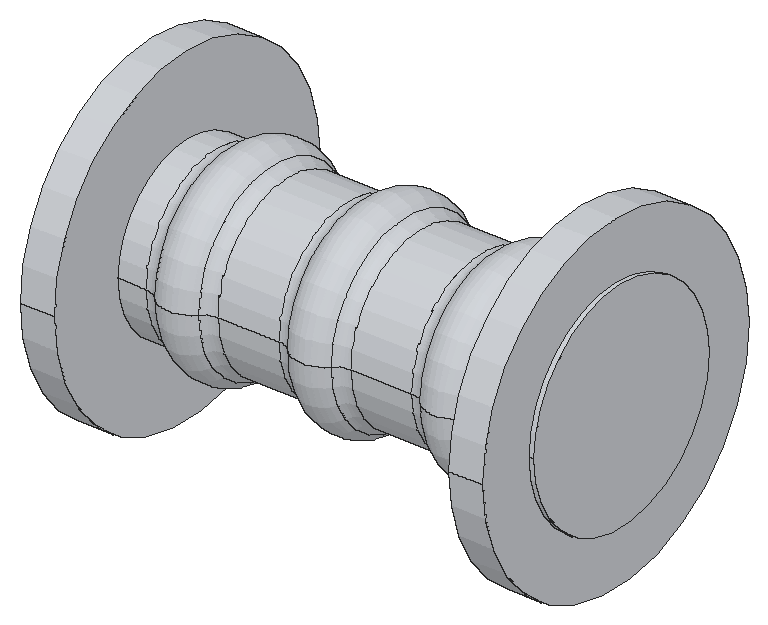
Revit family "ピュアジョイント 65A", category Pipe Accessories, Revit 2024
Family settings
  Round Connector Dimension = Use Diameter
  Part Type = Inline Sensor
  Work Plane-Based = No
  Always vertical = Yes
  Cut with Voids When Loaded = No
  Shared = No
Parameters
  Default Elevation = 0 mm
  DN = 65 mm
Reference planes
  plane 1 "Center (Front/Back)": y = 0
  plane 2: z = 0
  plane 3 "Center (Left/Right)": x = 0
Forms (mm)
  Extrusion 1, solid
    sketch origin (0, 0, 0) x (0, 1, 0) y (0, 0, 1)
      loop
        circle (0, 0) r 57.5
    from 122 to 125
  Extrusion 2, solid
    sketch origin (0, 0, 0) x (0, 1, 0) y (0, 0, 1)
      loop
        circle (0, 0) r 57.5
    from -125 to -122
  Extrusion 3, solid
    sketch origin (0, 0, 0) x (0, 1, 0) y (0, 0, 1)
      loop
        circle (0, 0) r 87.5
    from -122 to -104
  Extrusion 4, solid
    sketch origin (0, 0, 0) x (0, 1, 0) y (0, 0, 1)
      loop
        circle (0, 0) r 87.5
    from 104 to 122
  Revolve 5, solid
    sketch origin (0, 0, 0) x (1, 0, 0) y (0, 1, 0)
      loop
        line (-89.021, 46.003) -> (-104, 46.003) -> (-104, 0) -> (104, 0) -> (104, 46.003) -> (89.021, 46.003)
        arc (89.021, 46.003) -> (84.942, 46.873) -> (81.572, 49.33) r 10
        arc (81.572, 49.33) -> (70, 54.5) -> (58.428, 49.33) r 15.537
        arc (58.428, 49.33) -> (55.058, 46.873) -> (50.979, 46.003) r 10
        line (50.979, 46.003) -> (19.02, 46.003)
        arc (19.02, 46.003) -> (14.942, 46.873) -> (11.572, 49.33) r 10
        arc (11.572, 49.33) -> (0, 54.5) -> (-11.572, 49.33) r 15.537
        arc (-11.572, 49.33) -> (-14.942, 46.873) -> (-19.021, 46.003) r 10
        line (-19.021, 46.003) -> (-50.979, 46.003)
        arc (-50.979, 46.003) -> (-55.058, 46.873) -> (-58.428, 49.33) r 10
        arc (-58.428, 49.33) -> (-70, 54.5) -> (-81.572, 49.33) r 15.537
        arc (-81.572, 49.33) -> (-84.942, 46.873) -> (-89.021, 46.003) r 10
      axis (104, 0) -> (-104, 0)
    angle from 0 to 360
Lines and regions (mm)
  model lines
    curve 1: line (81.572, 0, 0) -> (81.572, -7.717, 0)
    curve 2: line (81.572, -7.717, 0) -> (81.572, -15.244, 0)
    curve 3: line (81.572, -15.244, 0) -> (81.572, -22.395, 0)
    curve 4: line (81.572, -22.395, 0) -> (81.572, -28.996, 0)
    curve 5: line (81.572, -28.996, 0) -> (81.572, -34.882, 0)
    curve 6: line (81.572, -34.882, 0) -> (81.572, -39.909, 0)
    curve 7: line (81.572, -39.909, 0) -> (81.572, -43.954, 0)
    curve 8: line (81.572, -43.954, 0) -> (81.572, -46.916, 0)
    curve 9: line (81.572, -46.916, 0) -> (81.572, -48.723, 0)
    curve 10: line (81.572, -48.723, 0) -> (81.572, -49.33, 0)
    curve 11: line (81.572, -49.33, 0) -> (78.775, -51.785, 0)
    curve 12: line (78.775, -51.785, 0) -> (75.475, -53.503, 0)
    curve 13: line (75.475, -53.503, 0) -> (71.861, -54.388, 0)
    curve 14: line (71.861, -54.388, 0) -> (68.139, -54.388, 0)
    curve 15: line (68.139, -54.388, 0) -> (64.525, -53.503, 0)
    curve 16: line (64.525, -53.503, 0) -> (61.225, -51.785, 0)
    curve 17: line (61.225, -51.785, 0) -> (58.428, -49.33, 0)
    curve 18: line (58.428, -49.33, 0) -> (58.428, -48.723, 0)
    curve 19: line (58.428, -48.723, 0) -> (58.428, -46.916, 0)
    curve 20: line (58.428, -46.916, 0) -> (58.428, -43.954, 0)
    curve 21: line (58.428, -43.954, 0) -> (58.428, -39.909, 0)
    curve 22: line (58.428, -39.909, 0) -> (58.428, -34.882, 0)
    curve 23: line (58.428, -34.882, 0) -> (58.428, -28.996, 0)
    curve 24: line (58.428, -28.996, 0) -> (58.428, -22.395, 0)
    curve 25: line (58.428, -22.395, 0) -> (58.428, -15.244, 0)
    curve 26: line (58.428, -15.244, 0) -> (58.428, -7.717, 0)
    curve 27: line (58.428, -7.717, 0) -> (58.428, 0, 0)
    curve 28: line (58.428, 0, 0) -> (58.428, 7.717, 0)
    curve 29: line (58.428, 7.717, 0) -> (58.428, 15.244, 0)
    curve 30: line (58.428, 15.244, 0) -> (58.428, 22.395, 0)
    curve 31: line (58.428, 22.395, 0) -> (58.428, 28.996, 0)
    curve 32: line (58.428, 28.996, 0) -> (58.428, 34.882, 0)
    curve 33: line (58.428, 34.882, 0) -> (58.428, 39.909, 0)
    curve 34: line (58.428, 39.909, 0) -> (58.428, 43.954, 0)
    curve 35: line (58.428, 43.954, 0) -> (58.428, 46.916, 0)
    curve 36: line (58.428, 46.916, 0) -> (58.428, 48.723, 0)
    curve 37: line (58.428, 48.723, 0) -> (58.428, 49.33, 0)
    curve 38: line (58.428, 49.33, 0) -> (61.225, 51.785, 0)
    curve 39: line (61.225, 51.785, 0) -> (64.525, 53.503, 0)
    curve 40: line (64.525, 53.503, 0) -> (68.139, 54.388, 0)
    curve 41: line (68.139, 54.388, 0) -> (71.861, 54.388, 0)
    curve 42: line (71.861, 54.388, 0) -> (75.475, 53.503, 0)
    curve 43: line (75.475, 53.503, 0) -> (78.775, 51.785, 0)
    curve 44: line (78.775, 51.785, 0) -> (81.572, 49.33, 0)
    curve 45: line (81.572, 49.33, 0) -> (81.572, 48.723, 0)
    curve 46: line (81.572, 48.723, 0) -> (81.572, 46.916, 0)
    curve 47: line (81.572, 46.916, 0) -> (81.572, 43.954, 0)
    curve 48: line (81.572, 43.954, 0) -> (81.572, 39.909, 0)
    curve 49: line (81.572, 39.909, 0) -> (81.572, 34.882, 0)
    curve 50: line (81.572, 34.882, 0) -> (81.572, 28.996, 0)
    curve 51: line (81.572, 28.996, 0) -> (81.572, 22.395, 0)
    curve 52: line (81.572, 22.395, 0) -> (81.572, 15.244, 0)
    curve 53: line (81.572, 15.244, 0) -> (81.572, 7.717, 0)
    curve 54: line (81.572, 7.717, 0) -> (81.572, 0, 0)
    curve 55: line (81.572, 0, 0) -> (81.572, -7.717, 0)
    curve 56: line (81.572, -7.717, 0) -> (81.572, -15.244, 0)
    curve 57: line (81.572, -15.244, 0) -> (81.572, -22.395, 0)
    curve 58: line (81.572, -22.395, 0) -> (81.572, -28.996, 0)
    curve 59: line (81.572, -28.996, 0) -> (81.572, -34.882, 0)
    curve 60: line (81.572, -34.882, 0) -> (81.572, -39.909, 0)
    curve 61: line (81.572, -39.909, 0) -> (81.572, -43.954, 0)
    curve 62: line (81.572, -43.954, 0) -> (81.572, -46.916, 0)
    curve 63: line (81.572, -46.916, 0) -> (81.572, -48.723, 0)
    curve 64: line (81.572, -48.723, 0) -> (81.572, -49.33, 0)
    curve 65: line (81.572, -49.33, 0) -> (81.949, -48.932, 0)
    curve 66: line (81.949, -48.932, 0) -> (84.021, -47.343, 0)
    curve 67: line (84.021, -47.343, 0) -> (86.432, -46.344, 0)
    curve 68: line (86.432, -46.344, 0) -> (89.021, -46.003, 0)
    curve 69: line (89.021, -46.003, 0) -> (89.021, -44.435, 0)
    curve 70: line (89.021, -44.435, 0) -> (89.021, -39.84, 0)
    curve 71: line (89.021, -39.84, 0) -> (89.021, -32.529, 0)
    curve 72: line (89.021, -32.529, 0) -> (89.021, -23.001, 0)
    curve 73: line (89.021, -23.001, 0) -> (89.021, -11.906, 0)
    curve 74: line (89.021, -11.906, 0) -> (89.021, 0, 0)
    curve 75: line (89.021, 0, 0) -> (89.021, 11.906, 0)
    curve 76: line (89.021, 11.906, 0) -> (89.021, 23.001, 0)
    curve 77: line (89.021, 23.001, 0) -> (89.021, 32.529, 0)
    curve 78: line (89.021, 32.529, 0) -> (89.021, 39.84, 0)
    curve 79: line (89.021, 39.84, 0) -> (89.021, 44.435, 0)
    curve 80: line (89.021, 44.435, 0) -> (89.021, 46.003, 0)
    curve 81: line (89.021, 46.003, 0) -> (86.432, 46.344, 0)
    curve 82: line (86.432, 46.344, 0) -> (84.021, 47.343, 0)
    curve 83: line (84.021, 47.343, 0) -> (81.949, 48.932, 0)
    curve 84: line (81.949, 48.932, 0) -> (81.572, 49.33, 0)
    curve 85: line (81.572, 49.33, 0) -> (81.572, 48.723, 0)
    curve 86: line (81.572, 48.723, 0) -> (81.572, 46.916, 0)
    curve 87: line (81.572, 46.916, 0) -> (81.572, 43.954, 0)
    curve 88: line (81.572, 43.954, 0) -> (81.572, 39.909, 0)
    curve 89: line (81.572, 39.909, 0) -> (81.572, 34.882, 0)
    curve 90: line (81.572, 34.882, 0) -> (81.572, 28.996, 0)
    curve 91: line (81.572, 28.996, 0) -> (81.572, 22.395, 0)
    curve 92: line (81.572, 22.395, 0) -> (81.572, 15.244, 0)
    curve 93: line (81.572, 15.244, 0) -> (81.572, 7.717, 0)
    curve 94: line (81.572, 7.717, 0) -> (81.572, 0, 0)
    curve 95: line (50.979, 7.196, 0) -> (50.979, 0, 0)
    curve 96: line (50.979, 0, 0) -> (50.979, -7.196, 0)
    curve 97: line (50.979, -7.196, 0) -> (50.979, -14.216, 0)
    curve 98: line (50.979, -14.216, 0) -> (50.979, -20.885, 0)
    curve 99: line (50.979, -20.885, 0) -> (50.979, -27.04, 0)
    curve 100: line (50.979, -27.04, 0) -> (50.979, -32.529, 0)
    curve 101: line (50.979, -32.529, 0) -> (50.979, -37.217, 0)
    curve 102: line (50.979, -37.217, 0) -> (50.979, -40.989, 0)
    curve 103: line (50.979, -40.989, 0) -> (50.979, -43.751, 0)
    curve 104: line (50.979, -43.751, 0) -> (50.979, -45.437, 0)
    curve 105: line (50.979, -45.437, 0) -> (50.979, -46.003, 0)
    curve 106: line (50.979, -46.003, 0) -> (53.065, -46.223, 0)
    curve 107: line (53.065, -46.223, 0) -> (55.058, -46.873, 0)
    curve 108: line (55.058, -46.873, 0) -> (56.873, -47.924, 0)
    curve 109: line (56.873, -47.924, 0) -> (58.428, -49.33, 0)
    curve 110: line (58.428, -49.33, 0) -> (58.428, -48.723, 0)
    curve 111: line (58.428, -48.723, 0) -> (58.428, -46.916, 0)
    curve 112: line (58.428, -46.916, 0) -> (58.428, -43.954, 0)
    curve 113: line (58.428, -43.954, 0) -> (58.428, -39.909, 0)
    curve 114: line (58.428, -39.909, 0) -> (58.428, -34.882, 0)
    curve 115: line (58.428, -34.882, 0) -> (58.428, -28.996, 0)
    curve 116: line (58.428, -28.996, 0) -> (58.428, -22.395, 0)
    curve 117: line (58.428, -22.395, 0) -> (58.428, -15.244, 0)
    curve 118: line (58.428, -15.244, 0) -> (58.428, -7.717, 0)
    curve 119: line (58.428, -7.717, 0) -> (58.428, 0, 0)
    curve 120: line (58.428, 0, 0) -> (58.428, 7.717, 0)
    curve 121: line (58.428, 7.717, 0) -> (58.428, 15.244, 0)
    curve 122: line (58.428, 15.244, 0) -> (58.428, 22.395, 0)
    curve 123: line (58.428, 22.395, 0) -> (58.428, 28.996, 0)
    curve 124: line (58.428, 28.996, 0) -> (58.428, 34.882, 0)
    curve 125: line (58.428, 34.882, 0) -> (58.428, 39.909, 0)
    curve 126: line (58.428, 39.909, 0) -> (58.428, 43.954, 0)
    curve 127: line (58.428, 43.954, 0) -> (58.428, 46.916, 0)
    curve 128: line (58.428, 46.916, 0) -> (58.428, 48.723, 0)
    curve 129: line (58.428, 48.723, 0) -> (58.428, 49.33, 0)
    curve 130: line (58.428, 49.33, 0) -> (56.873, 47.924, 0)
    curve 131: line (56.873, 47.924, 0) -> (55.058, 46.873, 0)
    curve 132: line (55.058, 46.873, 0) -> (53.065, 46.223, 0)
    curve 133: line (53.065, 46.223, 0) -> (50.979, 46.003, 0)
    curve 134: line (50.979, 46.003, 0) -> (50.979, 45.437, 0)
    curve 135: line (50.979, 45.437, 0) -> (50.979, 43.751, 0)
    curve 136: line (50.979, 43.751, 0) -> (50.979, 40.989, 0)
    curve 137: line (50.979, 40.989, 0) -> (50.979, 37.217, 0)
    curve 138: line (50.979, 37.217, 0) -> (50.979, 32.529, 0)
    curve 139: line (50.979, 32.529, 0) -> (50.979, 27.04, 0)
    curve 140: line (50.979, 27.04, 0) -> (50.979, 20.885, 0)
    curve 141: line (50.979, 20.885, 0) -> (50.979, 14.216, 0)
    curve 142: line (50.979, 14.216, 0) -> (50.979, 7.196, 0)
    curve 143: line (19.021, 0, 0) -> (19.021, -0.723, 0)
    curve 144: line (19.021, -0.723, 0) -> (19.021, -7.196, 0)
    curve 145: line (19.021, -7.196, 0) -> (19.021, -14.216, 0)
    curve 146: line (19.021, -14.216, 0) -> (19.021, -20.885, 0)
    curve 147: line (19.021, -20.885, 0) -> (19.021, -27.04, 0)
    curve 148: line (19.021, -27.04, 0) -> (19.021, -32.529, 0)
    curve 149: line (19.021, -32.529, 0) -> (19.021, -37.217, 0)
    curve 150: line (19.021, -37.217, 0) -> (19.021, -40.989, 0)
    curve 151: line (19.021, -40.989, 0) -> (19.021, -43.751, 0)
    curve 152: line (19.021, -43.751, 0) -> (19.021, -45.437, 0)
    curve 153: line (19.021, -45.437, 0) -> (19.021, -46.003, 0)
    curve 154: line (19.021, -46.003, 0) -> (50.979, -46.003, 0)
    curve 155: line (50.979, -46.003, 0) -> (50.979, -45.437, 0)
    curve 156: line (50.979, -45.437, 0) -> (50.979, -43.751, 0)
    curve 157: line (50.979, -43.751, 0) -> (50.979, -40.989, 0)
    curve 158: line (50.979, -40.989, 0) -> (50.979, -37.217, 0)
    curve 159: line (50.979, -37.217, 0) -> (50.979, -32.529, 0)
    curve 160: line (50.979, -32.529, 0) -> (50.979, -27.04, 0)
    curve 161: line (50.979, -27.04, 0) -> (50.979, -20.885, 0)
    curve 162: line (50.979, -20.885, 0) -> (50.979, -14.216, 0)
    curve 163: line (50.979, -14.216, 0) -> (50.979, -7.196, 0)
    curve 164: line (50.979, -7.196, 0) -> (50.979, 0, 0)
    curve 165: line (50.979, 0, 0) -> (50.979, 7.196, 0)
    curve 166: line (50.979, 7.196, 0) -> (50.979, 14.216, 0)
    curve 167: line (50.979, 14.216, 0) -> (50.979, 20.885, 0)
    curve 168: line (50.979, 20.885, 0) -> (50.979, 27.04, 0)
    curve 169: line (50.979, 27.04, 0) -> (50.979, 32.529, 0)
    curve 170: line (50.979, 32.529, 0) -> (50.979, 37.217, 0)
    curve 171: line (50.979, 37.217, 0) -> (50.979, 40.989, 0)
    curve 172: line (50.979, 40.989, 0) -> (50.979, 43.751, 0)
    curve 173: line (50.979, 43.751, 0) -> (50.979, 45.437, 0)
    curve 174: line (50.979, 45.437, 0) -> (50.979, 46.003, 0)
    curve 175: line (50.979, 46.003, 0) -> (19.021, 46.003, 0)
    curve 176: line (19.021, 46.003, 0) -> (19.021, 45.437, 0)
    curve 177: line (19.021, 45.437, 0) -> (19.021, 43.751, 0)
    curve 178: line (19.021, 43.751, 0) -> (19.021, 40.989, 0)
    curve 179: line (19.021, 40.989, 0) -> (19.021, 37.217, 0)
    curve 180: line (19.021, 37.217, 0) -> (19.021, 32.529, 0)
    curve 181: line (19.021, 32.529, 0) -> (19.021, 27.04, 0)
    curve 182: line (19.021, 27.04, 0) -> (19.021, 20.885, 0)
    curve 183: line (19.021, 20.885, 0) -> (19.021, 14.216, 0)
    curve 184: line (19.021, 14.216, 0) -> (19.021, 7.196, 0)
    curve 185: line (19.021, 7.196, 0) -> (19.021, 0.723, 0)
    curve 186: line (19.021, 0.723, 0) -> (19.021, 0, 0)
    curve 187: line (11.572, 0, 0) -> (11.572, -7.717, 0)
    curve 188: line (11.572, -7.717, 0) -> (11.572, -15.244, 0)
    curve 189: line (11.572, -15.244, 0) -> (11.572, -22.395, 0)
    curve 190: line (11.572, -22.395, 0) -> (11.572, -28.996, 0)
    curve 191: line (11.572, -28.996, 0) -> (11.572, -34.882, 0)
    curve 192: line (11.572, -34.882, 0) -> (11.572, -39.909, 0)
    curve 193: line (11.572, -39.909, 0) -> (11.572, -43.954, 0)
    curve 194: line (11.572, -43.954, 0) -> (11.572, -46.916, 0)
    curve 195: line (11.572, -46.916, 0) -> (11.572, -48.723, 0)
    curve 196: line (11.572, -48.723, 0) -> (11.572, -49.33, 0)
    curve 197: line (11.572, -49.33, 0) -> (8.775, -51.785, 0)
    curve 198: line (8.775, -51.785, 0) -> (5.475, -53.503, 0)
    curve 199: line (5.475, -53.503, 0) -> (1.861, -54.388, 0)
    curve 200: line (1.861, -54.388, 0) -> (-1.861, -54.388, 0)
    curve 201: line (-1.861, -54.388, 0) -> (-5.475, -53.503, 0)
    curve 202: line (-5.475, -53.503, 0) -> (-8.775, -51.785, 0)
    curve 203: line (-8.775, -51.785, 0) -> (-11.572, -49.33, 0)
    curve 204: line (-11.572, -49.33, 0) -> (-11.572, -48.723, 0)
    curve 205: line (-11.572, -48.723, 0) -> (-11.572, -46.916, 0)
    curve 206: line (-11.572, -46.916, 0) -> (-11.572, -43.954, 0)
    curve 207: line (-11.572, -43.954, 0) -> (-11.572, -39.909, 0)
    curve 208: line (-11.572, -39.909, 0) -> (-11.572, -34.882, 0)
    curve 209: line (-11.572, -34.882, 0) -> (-11.572, -28.996, 0)
    curve 210: line (-11.572, -28.996, 0) -> (-11.572, -22.395, 0)
    curve 211: line (-11.572, -22.395, 0) -> (-11.572, -15.244, 0)
    curve 212: line (-11.572, -15.244, 0) -> (-11.572, -7.717, 0)
    curve 213: line (-11.572, -7.717, 0) -> (-11.572, 0, 0)
    curve 214: line (-11.572, 0, 0) -> (-11.572, 7.717, 0)
    curve 215: line (-11.572, 7.717, 0) -> (-11.572, 15.244, 0)
    curve 216: line (-11.572, 15.244, 0) -> (-11.572, 22.395, 0)
    curve 217: line (-11.572, 22.395, 0) -> (-11.572, 28.996, 0)
    curve 218: line (-11.572, 28.996, 0) -> (-11.572, 34.882, 0)
    curve 219: line (-11.572, 34.882, 0) -> (-11.572, 39.909, 0)
    curve 220: line (-11.572, 39.909, 0) -> (-11.572, 43.954, 0)
    curve 221: line (-11.572, 43.954, 0) -> (-11.572, 46.916, 0)
    curve 222: line (-11.572, 46.916, 0) -> (-11.572, 48.723, 0)
    curve 223: line (-11.572, 48.723, 0) -> (-11.572, 49.33, 0)
    curve 224: line (-11.572, 49.33, 0) -> (-8.775, 51.785, 0)
    curve 225: line (-8.775, 51.785, 0) -> (-5.475, 53.503, 0)
    curve 226: line (-5.475, 53.503, 0) -> (-1.861, 54.388, 0)
    curve 227: line (-1.861, 54.388, 0) -> (1.861, 54.388, 0)
    curve 228: line (1.861, 54.388, 0) -> (5.475, 53.503, 0)
    curve 229: line (5.475, 53.503, 0) -> (8.775, 51.785, 0)
    curve 230: line (8.775, 51.785, 0) -> (11.572, 49.33, 0)
    curve 231: line (11.572, 49.33, 0) -> (11.572, 48.723, 0)
    curve 232: line (11.572, 48.723, 0) -> (11.572, 46.916, 0)
    curve 233: line (11.572, 46.916, 0) -> (11.572, 43.954, 0)
    curve 234: line (11.572, 43.954, 0) -> (11.572, 39.909, 0)
    curve 235: line (11.572, 39.909, 0) -> (11.572, 34.882, 0)
    curve 236: line (11.572, 34.882, 0) -> (11.572, 28.996, 0)
    curve 237: line (11.572, 28.996, 0) -> (11.572, 22.395, 0)
    curve 238: line (11.572, 22.395, 0) -> (11.572, 15.244, 0)
    curve 239: line (11.572, 15.244, 0) -> (11.572, 7.717, 0)
    curve 240: line (11.572, 7.717, 0) -> (11.572, 0, 0)
    curve 241: line (11.572, 0, 0) -> (11.572, -7.717, 0)
    curve 242: line (11.572, -7.717, 0) -> (11.572, -15.244, 0)
    curve 243: line (11.572, -15.244, 0) -> (11.572, -22.395, 0)
    curve 244: line (11.572, -22.395, 0) -> (11.572, -28.996, 0)
    curve 245: line (11.572, -28.996, 0) -> (11.572, -34.882, 0)
    curve 246: line (11.572, -34.882, 0) -> (11.572, -39.909, 0)
    curve 247: line (11.572, -39.909, 0) -> (11.572, -43.954, 0)
    curve 248: line (11.572, -43.954, 0) -> (11.572, -46.916, 0)
    curve 249: line (11.572, -46.916, 0) -> (11.572, -48.723, 0)
    curve 250: line (11.572, -48.723, 0) -> (11.572, -49.33, 0)
    curve 251: line (11.572, -49.33, 0) -> (11.949, -48.932, 0)
    curve 252: line (11.949, -48.932, 0) -> (14.021, -47.343, 0)
    curve 253: line (14.021, -47.343, 0) -> (16.432, -46.344, 0)
    curve 254: line (16.432, -46.344, 0) -> (19.021, -46.003, 0)
    curve 255: line (19.021, -46.003, 0) -> (19.021, -44.435, 0)
    curve 256: line (19.021, -44.435, 0) -> (19.021, -39.84, 0)
    curve 257: line (19.021, -39.84, 0) -> (19.021, -32.529, 0)
    curve 258: line (19.021, -32.529, 0) -> (19.021, -23.001, 0)
    curve 259: line (19.021, -23.001, 0) -> (19.021, -11.906, 0)
    curve 260: line (19.021, -11.906, 0) -> (19.021, 0, 0)
    curve 261: line (19.021, 0, 0) -> (19.021, 11.906, 0)
    curve 262: line (19.021, 11.906, 0) -> (19.021, 23.001, 0)
    curve 263: line (19.021, 23.001, 0) -> (19.021, 32.529, 0)
    curve 264: line (19.021, 32.529, 0) -> (19.021, 39.84, 0)
    curve 265: line (19.021, 39.84, 0) -> (19.021, 44.435, 0)
    curve 266: line (19.021, 44.435, 0) -> (19.021, 46.003, 0)
    curve 267: line (19.021, 46.003, 0) -> (16.432, 46.344, 0)
    curve 268: line (16.432, 46.344, 0) -> (14.021, 47.343, 0)
    curve 269: line (14.021, 47.343, 0) -> (11.949, 48.932, 0)
    curve 270: line (11.949, 48.932, 0) -> (11.572, 49.33, 0)
    curve 271: line (11.572, 49.33, 0) -> (11.572, 48.723, 0)
    curve 272: line (11.572, 48.723, 0) -> (11.572, 46.916, 0)
    curve 273: line (11.572, 46.916, 0) -> (11.572, 43.954, 0)
    curve 274: line (11.572, 43.954, 0) -> (11.572, 39.909, 0)
    curve 275: line (11.572, 39.909, 0) -> (11.572, 34.882, 0)
    curve 276: line (11.572, 34.882, 0) -> (11.572, 28.996, 0)
    curve 277: line (11.572, 28.996, 0) -> (11.572, 22.395, 0)
    curve 278: line (11.572, 22.395, 0) -> (11.572, 15.244, 0)
    curve 279: line (11.572, 15.244, 0) -> (11.572, 7.717, 0)
    curve 280: line (11.572, 7.717, 0) -> (11.572, 0, 0)
    curve 281: line (-19.021, 7.196, 0) -> (-19.021, 0, 0)
    curve 282: line (-19.021, 0, 0) -> (-19.021, -7.196, 0)
    curve 283: line (-19.021, -7.196, 0) -> (-19.021, -14.216, 0)
    curve 284: line (-19.021, -14.216, 0) -> (-19.021, -20.885, 0)
    curve 285: line (-19.021, -20.885, 0) -> (-19.021, -27.04, 0)
    curve 286: line (-19.021, -27.04, 0) -> (-19.021, -32.529, 0)
    curve 287: line (-19.021, -32.529, 0) -> (-19.021, -37.217, 0)
    curve 288: line (-19.021, -37.217, 0) -> (-19.021, -40.989, 0)
    curve 289: line (-19.021, -40.989, 0) -> (-19.021, -43.751, 0)
    curve 290: line (-19.021, -43.751, 0) -> (-19.021, -45.437, 0)
    curve 291: line (-19.021, -45.437, 0) -> (-19.021, -46.003, 0)
    curve 292: line (-19.021, -46.003, 0) -> (-16.935, -46.223, 0)
    curve 293: line (-16.935, -46.223, 0) -> (-14.942, -46.873, 0)
    curve 294: line (-14.942, -46.873, 0) -> (-13.127, -47.924, 0)
    curve 295: line (-13.127, -47.924, 0) -> (-11.572, -49.33, 0)
    curve 296: line (-11.572, -49.33, 0) -> (-11.572, -48.723, 0)
    curve 297: line (-11.572, -48.723, 0) -> (-11.572, -46.916, 0)
    curve 298: line (-11.572, -46.916, 0) -> (-11.572, -43.954, 0)
    curve 299: line (-11.572, -43.954, 0) -> (-11.572, -39.909, 0)
    curve 300: line (-11.572, -39.909, 0) -> (-11.572, -34.882, 0)
    curve 301: line (-11.572, -34.882, 0) -> (-11.572, -28.996, 0)
    curve 302: line (-11.572, -28.996, 0) -> (-11.572, -22.395, 0)
    curve 303: line (-11.572, -22.395, 0) -> (-11.572, -15.244, 0)
    curve 304: line (-11.572, -15.244, 0) -> (-11.572, -7.717, 0)
    curve 305: line (-11.572, -7.717, 0) -> (-11.572, 0, 0)
    curve 306: line (-11.572, 0, 0) -> (-11.572, 7.717, 0)
    curve 307: line (-11.572, 7.717, 0) -> (-11.572, 15.244, 0)
    curve 308: line (-11.572, 15.244, 0) -> (-11.572, 22.395, 0)
    curve 309: line (-11.572, 22.395, 0) -> (-11.572, 28.996, 0)
    curve 310: line (-11.572, 28.996, 0) -> (-11.572, 34.882, 0)
    curve 311: line (-11.572, 34.882, 0) -> (-11.572, 39.909, 0)
    curve 312: line (-11.572, 39.909, 0) -> (-11.572, 43.954, 0)
    curve 313: line (-11.572, 43.954, 0) -> (-11.572, 46.916, 0)
    curve 314: line (-11.572, 46.916, 0) -> (-11.572, 48.723, 0)
    curve 315: line (-11.572, 48.723, 0) -> (-11.572, 49.33, 0)
    curve 316: line (-11.572, 49.33, 0) -> (-13.127, 47.924, 0)
    curve 317: line (-13.127, 47.924, 0) -> (-14.942, 46.873, 0)
    curve 318: line (-14.942, 46.873, 0) -> (-16.935, 46.223, 0)
    curve 319: line (-16.935, 46.223, 0) -> (-19.021, 46.003, 0)
    curve 320: line (-19.021, 46.003, 0) -> (-19.021, 45.437, 0)
    curve 321: line (-19.021, 45.437, 0) -> (-19.021, 43.751, 0)
    curve 322: line (-19.021, 43.751, 0) -> (-19.021, 40.989, 0)
    curve 323: line (-19.021, 40.989, 0) -> (-19.021, 37.217, 0)
    curve 324: line (-19.021, 37.217, 0) -> (-19.021, 32.529, 0)
    curve 325: line (-19.021, 32.529, 0) -> (-19.021, 27.04, 0)
    curve 326: line (-19.021, 27.04, 0) -> (-19.021, 20.885, 0)
    curve 327: line (-19.021, 20.885, 0) -> (-19.021, 14.216, 0)
    curve 328: line (-19.021, 14.216, 0) -> (-19.021, 7.196, 0)
    curve 329: line (-50.979, 0, 0) -> (-50.979, -0.723, 0)
    curve 330: line (-50.979, -0.723, 0) -> (-50.979, -7.196, 0)
    curve 331: line (-50.979, -7.196, 0) -> (-50.979, -14.216, 0)
    curve 332: line (-50.979, -14.216, 0) -> (-50.979, -20.885, 0)
    curve 333: line (-50.979, -20.885, 0) -> (-50.979, -27.04, 0)
    curve 334: line (-50.979, -27.04, 0) -> (-50.979, -32.529, 0)
    curve 335: line (-50.979, -32.529, 0) -> (-50.979, -37.217, 0)
    curve 336: line (-50.979, -37.217, 0) -> (-50.979, -40.989, 0)
    curve 337: line (-50.979, -40.989, 0) -> (-50.979, -43.751, 0)
    curve 338: line (-50.979, -43.751, 0) -> (-50.979, -45.437, 0)
    curve 339: line (-50.979, -45.437, 0) -> (-50.979, -46.003, 0)
    curve 340: line (-50.979, -46.003, 0) -> (-19.021, -46.003, 0)
    curve 341: line (-19.021, -46.003, 0) -> (-19.021, -45.437, 0)
    curve 342: line (-19.021, -45.437, 0) -> (-19.021, -43.751, 0)
    curve 343: line (-19.021, -43.751, 0) -> (-19.021, -40.989, 0)
    curve 344: line (-19.021, -40.989, 0) -> (-19.021, -37.217, 0)
    curve 345: line (-19.021, -37.217, 0) -> (-19.021, -32.529, 0)
    curve 346: line (-19.021, -32.529, 0) -> (-19.021, -27.04, 0)
    curve 347: line (-19.021, -27.04, 0) -> (-19.021, -20.885, 0)
    curve 348: line (-19.021, -20.885, 0) -> (-19.021, -14.216, 0)
    curve 349: line (-19.021, -14.216, 0) -> (-19.021, -7.196, 0)
    curve 350: line (-19.021, -7.196, 0) -> (-19.021, 0, 0)
    curve 351: line (-19.021, 0, 0) -> (-19.021, 7.196, 0)
    curve 352: line (-19.021, 7.196, 0) -> (-19.021, 14.216, 0)
    curve 353: line (-19.021, 14.216, 0) -> (-19.021, 20.885, 0)
    curve 354: line (-19.021, 20.885, 0) -> (-19.021, 27.04, 0)
    curve 355: line (-19.021, 27.04, 0) -> (-19.021, 32.529, 0)
    curve 356: line (-19.021, 32.529, 0) -> (-19.021, 37.217, 0)
    curve 357: line (-19.021, 37.217, 0) -> (-19.021, 40.989, 0)
    curve 358: line (-19.021, 40.989, 0) -> (-19.021, 43.751, 0)
    curve 359: line (-19.021, 43.751, 0) -> (-19.021, 45.437, 0)
    curve 360: line (-19.021, 45.437, 0) -> (-19.021, 46.003, 0)
    curve 361: line (-19.021, 46.003, 0) -> (-50.979, 46.003, 0)
    curve 362: line (-50.979, 46.003, 0) -> (-50.979, 45.437, 0)
    curve 363: line (-50.979, 45.437, 0) -> (-50.979, 43.751, 0)
    curve 364: line (-50.979, 43.751, 0) -> (-50.979, 40.989, 0)
    curve 365: line (-50.979, 40.989, 0) -> (-50.979, 37.217, 0)
    curve 366: line (-50.979, 37.217, 0) -> (-50.979, 32.529, 0)
    curve 367: line (-50.979, 32.529, 0) -> (-50.979, 27.04, 0)
    curve 368: line (-50.979, 27.04, 0) -> (-50.979, 20.885, 0)
    curve 369: line (-50.979, 20.885, 0) -> (-50.979, 14.216, 0)
    curve 370: line (-50.979, 14.216, 0) -> (-50.979, 7.196, 0)
    curve 371: line (-50.979, 7.196, 0) -> (-50.979, 0.723, 0)
    curve 372: line (-50.979, 0.723, 0) -> (-50.979, 0, 0)
    curve 373: line (-58.428, 0, 0) -> (-58.428, -7.717, 0)
    curve 374: line (-58.428, -7.717, 0) -> (-58.428, -15.244, 0)
    curve 375: line (-58.428, -15.244, 0) -> (-58.428, -22.395, 0)
    curve 376: line (-58.428, -22.395, 0) -> (-58.428, -28.996, 0)
    curve 377: line (-58.428, -28.996, 0) -> (-58.428, -34.882, 0)
    curve 378: line (-58.428, -34.882, 0) -> (-58.428, -39.909, 0)
    curve 379: line (-58.428, -39.909, 0) -> (-58.428, -43.954, 0)
    curve 380: line (-58.428, -43.954, 0) -> (-58.428, -46.916, 0)
    curve 381: line (-58.428, -46.916, 0) -> (-58.428, -48.723, 0)
    curve 382: line (-58.428, -48.723, 0) -> (-58.428, -49.33, 0)
    curve 383: line (-58.428, -49.33, 0) -> (-61.225, -51.785, 0)
    curve 384: line (-61.225, -51.785, 0) -> (-64.525, -53.503, 0)
    curve 385: line (-64.525, -53.503, 0) -> (-68.139, -54.388, 0)
    curve 386: line (-68.139, -54.388, 0) -> (-71.861, -54.388, 0)
    curve 387: line (-71.861, -54.388, 0) -> (-75.475, -53.503, 0)
    curve 388: line (-75.475, -53.503, 0) -> (-78.775, -51.785, 0)
    curve 389: line (-78.775, -51.785, 0) -> (-81.572, -49.33, 0)
    curve 390: line (-81.572, -49.33, 0) -> (-81.572, -48.723, 0)
    curve 391: line (-81.572, -48.723, 0) -> (-81.572, -46.916, 0)
    curve 392: line (-81.572, -46.916, 0) -> (-81.572, -43.954, 0)
    curve 393: line (-81.572, -43.954, 0) -> (-81.572, -39.909, 0)
    curve 394: line (-81.572, -39.909, 0) -> (-81.572, -34.882, 0)
    curve 395: line (-81.572, -34.882, 0) -> (-81.572, -28.996, 0)
    curve 396: line (-81.572, -28.996, 0) -> (-81.572, -22.395, 0)
    curve 397: line (-81.572, -22.395, 0) -> (-81.572, -15.244, 0)
    curve 398: line (-81.572, -15.244, 0) -> (-81.572, -7.717, 0)
    curve 399: line (-81.572, -7.717, 0) -> (-81.572, 0, 0)
    curve 400: line (-81.572, 0, 0) -> (-81.572, 7.717, 0)
    curve 401: line (-81.572, 7.717, 0) -> (-81.572, 15.244, 0)
    curve 402: line (-81.572, 15.244, 0) -> (-81.572, 22.395, 0)
    curve 403: line (-81.572, 22.395, 0) -> (-81.572, 28.996, 0)
    curve 404: line (-81.572, 28.996, 0) -> (-81.572, 34.882, 0)
    curve 405: line (-81.572, 34.882, 0) -> (-81.572, 39.909, 0)
    curve 406: line (-81.572, 39.909, 0) -> (-81.572, 43.954, 0)
    curve 407: line (-81.572, 43.954, 0) -> (-81.572, 46.916, 0)
    curve 408: line (-81.572, 46.916, 0) -> (-81.572, 48.723, 0)
    curve 409: line (-81.572, 48.723, 0) -> (-81.572, 49.33, 0)
    curve 410: line (-81.572, 49.33, 0) -> (-78.775, 51.785, 0)
    curve 411: line (-78.775, 51.785, 0) -> (-75.475, 53.503, 0)
    curve 412: line (-75.475, 53.503, 0) -> (-71.861, 54.388, 0)
    curve 413: line (-71.861, 54.388, 0) -> (-68.139, 54.388, 0)
    curve 414: line (-68.139, 54.388, 0) -> (-64.525, 53.503, 0)
    curve 415: line (-64.525, 53.503, 0) -> (-61.225, 51.785, 0)
    curve 416: line (-61.225, 51.785, 0) -> (-58.428, 49.33, 0)
    curve 417: line (-58.428, 49.33, 0) -> (-58.428, 48.723, 0)
    curve 418: line (-58.428, 48.723, 0) -> (-58.428, 46.916, 0)
    curve 419: line (-58.428, 46.916, 0) -> (-58.428, 43.954, 0)
    curve 420: line (-58.428, 43.954, 0) -> (-58.428, 39.909, 0)
    curve 421: line (-58.428, 39.909, 0) -> (-58.428, 34.882, 0)
    curve 422: line (-58.428, 34.882, 0) -> (-58.428, 28.996, 0)
    curve 423: line (-58.428, 28.996, 0) -> (-58.428, 22.395, 0)
    curve 424: line (-58.428, 22.395, 0) -> (-58.428, 15.244, 0)
    curve 425: line (-58.428, 15.244, 0) -> (-58.428, 7.717, 0)
    curve 426: line (-58.428, 7.717, 0) -> (-58.428, 0, 0)
    curve 427: line (-58.428, 0, 0) -> (-58.428, -7.717, 0)
    curve 428: line (-58.428, -7.717, 0) -> (-58.428, -15.244, 0)
    curve 429: line (-58.428, -15.244, 0) -> (-58.428, -22.395, 0)
    curve 430: line (-58.428, -22.395, 0) -> (-58.428, -28.996, 0)
    curve 431: line (-58.428, -28.996, 0) -> (-58.428, -34.882, 0)
    curve 432: line (-58.428, -34.882, 0) -> (-58.428, -39.909, 0)
    curve 433: line (-58.428, -39.909, 0) -> (-58.428, -43.954, 0)
    curve 434: line (-58.428, -43.954, 0) -> (-58.428, -46.916, 0)
    curve 435: line (-58.428, -46.916, 0) -> (-58.428, -48.723, 0)
    curve 436: line (-58.428, -48.723, 0) -> (-58.428, -49.33, 0)
    curve 437: line (-58.428, -49.33, 0) -> (-58.051, -48.932, 0)
    curve 438: line (-58.051, -48.932, 0) -> (-55.979, -47.343, 0)
    curve 439: line (-55.979, -47.343, 0) -> (-53.568, -46.344, 0)
    curve 440: line (-53.568, -46.344, 0) -> (-50.979, -46.003, 0)
    curve 441: line (-50.979, -46.003, 0) -> (-50.979, -44.435, 0)
    curve 442: line (-50.979, -44.435, 0) -> (-50.979, -39.84, 0)
    curve 443: line (-50.979, -39.84, 0) -> (-50.979, -32.529, 0)
    curve 444: line (-50.979, -32.529, 0) -> (-50.979, -23.001, 0)
    curve 445: line (-50.979, -23.001, 0) -> (-50.979, -11.906, 0)
    curve 446: line (-50.979, -11.906, 0) -> (-50.979, 0, 0)
    curve 447: line (-50.979, 0, 0) -> (-50.979, 11.906, 0)
    curve 448: line (-50.979, 11.906, 0) -> (-50.979, 23.001, 0)
    curve 449: line (-50.979, 23.001, 0) -> (-50.979, 32.529, 0)
    curve 450: line (-50.979, 32.529, 0) -> (-50.979, 39.84, 0)
    curve 451: line (-50.979, 39.84, 0) -> (-50.979, 44.435, 0)
    curve 452: line (-50.979, 44.435, 0) -> (-50.979, 46.003, 0)
    curve 453: line (-50.979, 46.003, 0) -> (-53.568, 46.344, 0)
    curve 454: line (-53.568, 46.344, 0) -> (-55.979, 47.343, 0)
    curve 455: line (-55.979, 47.343, 0) -> (-58.051, 48.932, 0)
    curve 456: line (-58.051, 48.932, 0) -> (-58.428, 49.33, 0)
    curve 457: line (-58.428, 49.33, 0) -> (-58.428, 48.723, 0)
    curve 458: line (-58.428, 48.723, 0) -> (-58.428, 46.916, 0)
    curve 459: line (-58.428, 46.916, 0) -> (-58.428, 43.954, 0)
    curve 460: line (-58.428, 43.954, 0) -> (-58.428, 39.909, 0)
    curve 461: line (-58.428, 39.909, 0) -> (-58.428, 34.882, 0)
    curve 462: line (-58.428, 34.882, 0) -> (-58.428, 28.996, 0)
    curve 463: line (-58.428, 28.996, 0) -> (-58.428, 22.395, 0)
    curve 464: line (-58.428, 22.395, 0) -> (-58.428, 15.244, 0)
    curve 465: line (-58.428, 15.244, 0) -> (-58.428, 7.717, 0)
    curve 466: line (-58.428, 7.717, 0) -> (-58.428, 0, 0)
    curve 467: line (-89.021, 7.196, 0) -> (-89.021, 0, 0)
    curve 468: line (-89.021, 0, 0) -> (-89.021, -7.196, 0)
    curve 469: line (-89.021, -7.196, 0) -> (-89.021, -14.216, 0)
    curve 470: line (-89.021, -14.216, 0) -> (-89.021, -20.885, 0)
    curve 471: line (-89.021, -20.885, 0) -> (-89.021, -27.04, 0)
    curve 472: line (-89.021, -27.04, 0) -> (-89.021, -32.529, 0)
    curve 473: line (-89.021, -32.529, 0) -> (-89.021, -37.217, 0)
    curve 474: line (-89.021, -37.217, 0) -> (-89.021, -40.989, 0)
    curve 475: line (-89.021, -40.989, 0) -> (-89.021, -43.751, 0)
    curve 476: line (-89.021, -43.751, 0) -> (-89.021, -45.437, 0)
    curve 477: line (-89.021, -45.437, 0) -> (-89.021, -46.003, 0)
    curve 478: line (-89.021, -46.003, 0) -> (-86.935, -46.223, 0)
    curve 479: line (-86.935, -46.223, 0) -> (-84.942, -46.873, 0)
    curve 480: line (-84.942, -46.873, 0) -> (-83.127, -47.924, 0)
    curve 481: line (-83.127, -47.924, 0) -> (-81.572, -49.33, 0)
    curve 482: line (-81.572, -49.33, 0) -> (-81.572, -48.723, 0)
    curve 483: line (-81.572, -48.723, 0) -> (-81.572, -46.916, 0)
    curve 484: line (-81.572, -46.916, 0) -> (-81.572, -43.954, 0)
    curve 485: line (-81.572, -43.954, 0) -> (-81.572, -39.909, 0)
    curve 486: line (-81.572, -39.909, 0) -> (-81.572, -34.882, 0)
    curve 487: line (-81.572, -34.882, 0) -> (-81.572, -28.996, 0)
    curve 488: line (-81.572, -28.996, 0) -> (-81.572, -22.395, 0)
    curve 489: line (-81.572, -22.395, 0) -> (-81.572, -15.244, 0)
    curve 490: line (-81.572, -15.244, 0) -> (-81.572, -7.717, 0)
    curve 491: line (-81.572, -7.717, 0) -> (-81.572, 0, 0)
    curve 492: line (-81.572, 0, 0) -> (-81.572, 7.717, 0)
    curve 493: line (-81.572, 7.717, 0) -> (-81.572, 15.244, 0)
    curve 494: line (-81.572, 15.244, 0) -> (-81.572, 22.395, 0)
    curve 495: line (-81.572, 22.395, 0) -> (-81.572, 28.996, 0)
    curve 496: line (-81.572, 28.996, 0) -> (-81.572, 34.882, 0)
    curve 497: line (-81.572, 34.882, 0) -> (-81.572, 39.909, 0)
    curve 498: line (-81.572, 39.909, 0) -> (-81.572, 43.954, 0)
    curve 499: line (-81.572, 43.954, 0) -> (-81.572, 46.916, 0)
    curve 500: line (-81.572, 46.916, 0) -> (-81.572, 48.723, 0)
    curve 501: line (-81.572, 48.723, 0) -> (-81.572, 49.33, 0)
    curve 502: line (-81.572, 49.33, 0) -> (-83.127, 47.924, 0)
    curve 503: line (-83.127, 47.924, 0) -> (-84.942, 46.873, 0)
    curve 504: line (-84.942, 46.873, 0) -> (-86.935, 46.223, 0)
    curve 505: line (-86.935, 46.223, 0) -> (-89.021, 46.003, 0)
    curve 506: line (-89.021, 46.003, 0) -> (-89.021, 45.437, 0)
    curve 507: line (-89.021, 45.437, 0) -> (-89.021, 43.751, 0)
    curve 508: line (-89.021, 43.751, 0) -> (-89.021, 40.989, 0)
    curve 509: line (-89.021, 40.989, 0) -> (-89.021, 37.217, 0)
    curve 510: line (-89.021, 37.217, 0) -> (-89.021, 32.529, 0)
    curve 511: line (-89.021, 32.529, 0) -> (-89.021, 27.04, 0)
    curve 512: line (-89.021, 27.04, 0) -> (-89.021, 20.885, 0)
    curve 513: line (-89.021, 20.885, 0) -> (-89.021, 14.216, 0)
    curve 514: line (-89.021, 14.216, 0) -> (-89.021, 7.196, 0)
    curve 515: line (-104, 0, 0) -> (-104, -7.196, 0)
    curve 516: line (-104, -7.196, 0) -> (-104, -14.216, 0)
    curve 517: line (-104, -14.216, 0) -> (-104, -20.885, 0)
    curve 518: line (-104, -20.885, 0) -> (-104, -27.04, 0)
    curve 519: line (-104, -27.04, 0) -> (-104, -32.529, 0)
    curve 520: line (-104, -32.529, 0) -> (-104, -37.217, 0)
    curve 521: line (-104, -37.217, 0) -> (-104, -40.989, 0)
    curve 522: line (-104, -40.989, 0) -> (-104, -43.751, 0)
    curve 523: line (-104, -43.751, 0) -> (-104, -45.437, 0)
    curve 524: line (-104, -45.437, 0) -> (-104, -46.003, 0)
    curve 525: line (-104, -46.003, 0) -> (-89.021, -46.003, 0)
    curve 526: line (-89.021, -46.003, 0) -> (-89.021, -45.437, 0)
    curve 527: line (-89.021, -45.437, 0) -> (-89.021, -43.751, 0)
    curve 528: line (-89.021, -43.751, 0) -> (-89.021, -40.989, 0)
    curve 529: line (-89.021, -40.989, 0) -> (-89.021, -37.217, 0)
    curve 530: line (-89.021, -37.217, 0) -> (-89.021, -32.529, 0)
    curve 531: line (-89.021, -32.529, 0) -> (-89.021, -27.04, 0)
    curve 532: line (-89.021, -27.04, 0) -> (-89.021, -20.885, 0)
    curve 533: line (-89.021, -20.885, 0) -> (-89.021, -14.216, 0)
    curve 534: line (-89.021, -14.216, 0) -> (-89.021, -7.196, 0)
    curve 535: line (-89.021, -7.196, 0) -> (-89.021, 0, 0)
    curve 536: line (-89.021, 0, 0) -> (-89.021, 7.196, 0)
    curve 537: line (-89.021, 7.196, 0) -> (-89.021, 14.216, 0)
    curve 538: line (-89.021, 14.216, 0) -> (-89.021, 20.885, 0)
    curve 539: line (-89.021, 20.885, 0) -> (-89.021, 27.04, 0)
    curve 540: line (-89.021, 27.04, 0) -> (-89.021, 32.529, 0)
    curve 541: line (-89.021, 32.529, 0) -> (-89.021, 37.217, 0)
    curve 542: line (-89.021, 37.217, 0) -> (-89.021, 40.989, 0)
    curve 543: line (-89.021, 40.989, 0) -> (-89.021, 43.751, 0)
    curve 544: line (-89.021, 43.751, 0) -> (-89.021, 45.437, 0)
    curve 545: line (-89.021, 45.437, 0) -> (-89.021, 46.003, 0)
    curve 546: line (-89.021, 46.003, 0) -> (-104, 46.003, 0)
    curve 547: line (-104, 46.003, 0) -> (-104, 45.437, 0)
    curve 548: line (-104, 45.437, 0) -> (-104, 43.751, 0)
    curve 549: line (-104, 43.751, 0) -> (-104, 40.989, 0)
    curve 550: line (-104, 40.989, 0) -> (-104, 37.217, 0)
    curve 551: line (-104, 37.217, 0) -> (-104, 32.529, 0)
    curve 552: line (-104, 32.529, 0) -> (-104, 27.04, 0)
    curve 553: line (-104, 27.04, 0) -> (-104, 20.885, 0)
    curve 554: line (-104, 20.885, 0) -> (-104, 14.216, 0)
    curve 555: line (-104, 14.216, 0) -> (-104, 7.196, 0)
    curve 556: line (-104, 7.196, 0) -> (-104, 0, 0)
    curve 557: line (-122, 0, 0) -> (-122, -13.688, 0)
    curve 558: line (-122, -13.688, 0) -> (-122, -27.039, 0)
    curve 559: line (-122, -27.039, 0) -> (-122, -39.724, 0)
    curve 560: line (-122, -39.724, 0) -> (-122, -51.431, 0)
    curve 561: line (-122, -51.431, 0) -> (-122, -61.872, 0)
    curve 562: line (-122, -61.872, 0) -> (-122, -70.789, 0)
    curve 563: line (-122, -70.789, 0) -> (-122, -77.963, 0)
    curve 564: line (-122, -77.963, 0) -> (-122, -83.217, 0)
    curve 565: line (-122, -83.217, 0) -> (-122, -86.423, 0)
    curve 566: line (-122, -86.423, 0) -> (-122, -87.5, 0)
    curve 567: line (-122, -87.5, 0) -> (-104, -87.5, 0)
    curve 568: line (-104, -87.5, 0) -> (-104, -86.423, 0)
    curve 569: line (-104, -86.423, 0) -> (-104, -83.217, 0)
    curve 570: line (-104, -83.217, 0) -> (-104, -77.963, 0)
    curve 571: line (-104, -77.963, 0) -> (-104, -70.789, 0)
    curve 572: line (-104, -70.789, 0) -> (-104, -61.872, 0)
    curve 573: line (-104, -61.872, 0) -> (-104, -51.431, 0)
    curve 574: line (-104, -51.431, 0) -> (-104, -39.724, 0)
    curve 575: line (-104, -39.724, 0) -> (-104, -27.04, 0)
    curve 576: line (-104, -27.04, 0) -> (-104, -13.688, 0)
    curve 577: line (-104, -13.688, 0) -> (-104, 0, 0)
    curve 578: line (-104, 0, 0) -> (-104, 13.688, 0)
    curve 579: line (-104, 13.688, 0) -> (-104, 27.04, 0)
    curve 580: line (-104, 27.04, 0) -> (-104, 39.724, 0)
    curve 581: line (-104, 39.724, 0) -> (-104, 51.431, 0)
    curve 582: line (-104, 51.431, 0) -> (-104, 61.872, 0)
    curve 583: line (-104, 61.872, 0) -> (-104, 70.789, 0)
    curve 584: line (-104, 70.789, 0) -> (-104, 77.963, 0)
    curve 585: line (-104, 77.963, 0) -> (-104, 83.217, 0)
    curve 586: line (-104, 83.217, 0) -> (-104, 86.423, 0)
    curve 587: line (-104, 86.423, 0) -> (-104, 87.5, 0)
    curve 588: line (-104, 87.5, 0) -> (-122, 87.5, 0)
    curve 589: line (-122, 87.5, 0) -> (-122, 86.423, 0)
    curve 590: line (-122, 86.423, 0) -> (-122, 83.217, 0)
    curve 591: line (-122, 83.217, 0) -> (-122, 77.963, 0)
    curve 592: line (-122, 77.963, 0) -> (-122, 70.789, 0)
    curve 593: line (-122, 70.789, 0) -> (-122, 61.872, 0)
    curve 594: line (-122, 61.872, 0) -> (-122, 51.431, 0)
    curve 595: line (-122, 51.431, 0) -> (-122, 39.724, 0)
    curve 596: line (-122, 39.724, 0) -> (-122, 27.039, 0)
    curve 597: line (-122, 27.039, 0) -> (-122, 13.688, 0)
    curve 598: line (-122, 13.688, 0) -> (-122, 0, 0)
    curve 599: line (-125, 0, 0) -> (-125, -8.995, 0)
    curve 600: line (-125, -8.995, 0) -> (-125, -17.768, 0)
    curve 601: line (-125, -17.768, 0) -> (-125, -26.104, 0)
    curve 602: line (-125, -26.104, 0) -> (-125, -33.798, 0)
    curve 603: line (-125, -33.798, 0) -> (-125, -40.659, 0)
    curve 604: line (-125, -40.659, 0) -> (-125, -46.518, 0)
    curve 605: line (-125, -46.518, 0) -> (-125, -51.233, 0)
    curve 606: line (-125, -51.233, 0) -> (-125, -54.686, 0)
    curve 607: line (-125, -54.686, 0) -> (-125, -56.792, 0)
    curve 608: line (-125, -56.792, 0) -> (-125, -57.5, 0)
    curve 609: line (-125, -57.5, 0) -> (-122, -57.5, 0)
    curve 610: line (-122, -57.5, 0) -> (-122, -56.792, 0)
    curve 611: line (-122, -56.792, 0) -> (-122, -54.686, 0)
    curve 612: line (-122, -54.686, 0) -> (-122, -51.233, 0)
    curve 613: line (-122, -51.233, 0) -> (-122, -46.518, 0)
    curve 614: line (-122, -46.518, 0) -> (-122, -40.659, 0)
    curve 615: line (-122, -40.659, 0) -> (-122, -33.798, 0)
    curve 616: line (-122, -33.798, 0) -> (-122, -26.104, 0)
    curve 617: line (-122, -26.104, 0) -> (-122, -17.768, 0)
    curve 618: line (-122, -17.768, 0) -> (-122, -8.995, 0)
    curve 619: line (-122, -8.995, 0) -> (-122, 0, 0)
    curve 620: line (-122, 0, 0) -> (-122, 8.995, 0)
    curve 621: line (-122, 8.995, 0) -> (-122, 17.768, 0)
    curve 622: line (-122, 17.768, 0) -> (-122, 26.104, 0)
    curve 623: line (-122, 26.104, 0) -> (-122, 33.798, 0)
    curve 624: line (-122, 33.798, 0) -> (-122, 40.659, 0)
    curve 625: line (-122, 40.659, 0) -> (-122, 46.518, 0)
    curve 626: line (-122, 46.518, 0) -> (-122, 51.233, 0)
    curve 627: line (-122, 51.233, 0) -> (-122, 54.686, 0)
    curve 628: line (-122, 54.686, 0) -> (-122, 56.792, 0)
    curve 629: line (-122, 56.792, 0) -> (-122, 57.5, 0)
    curve 630: line (-122, 57.5, 0) -> (-125, 57.5, 0)
    curve 631: line (-125, 57.5, 0) -> (-125, 56.792, 0)
    curve 632: line (-125, 56.792, 0) -> (-125, 54.686, 0)
    curve 633: line (-125, 54.686, 0) -> (-125, 51.233, 0)
    curve 634: line (-125, 51.233, 0) -> (-125, 46.518, 0)
    curve 635: line (-125, 46.518, 0) -> (-125, 40.659, 0)
    curve 636: line (-125, 40.659, 0) -> (-125, 33.798, 0)
    curve 637: line (-125, 33.798, 0) -> (-125, 26.104, 0)
    curve 638: line (-125, 26.104, 0) -> (-125, 17.768, 0)
    curve 639: line (-125, 17.768, 0) -> (-125, 8.995, 0)
    curve 640: line (-125, 8.995, 0) -> (-125, 0, 0)
    curve 641: line (122, 0, 0) -> (122, -8.995, 0)
    curve 642: line (122, -8.995, 0) -> (122, -17.768, 0)
    curve 643: line (122, -17.768, 0) -> (122, -26.104, 0)
    curve 644: line (122, -26.104, 0) -> (122, -33.798, 0)
    curve 645: line (122, -33.798, 0) -> (122, -40.659, 0)
    curve 646: line (122, -40.659, 0) -> (122, -46.518, 0)
    curve 647: line (122, -46.518, 0) -> (122, -51.233, 0)
    curve 648: line (122, -51.233, 0) -> (122, -54.686, 0)
    curve 649: line (122, -54.686, 0) -> (122, -56.792, 0)
    curve 650: line (122, -56.792, 0) -> (122, -57.5, 0)
    curve 651: line (122, -57.5, 0) -> (125, -57.5, 0)
    curve 652: line (125, -57.5, 0) -> (125, -56.792, 0)
    curve 653: line (125, -56.792, 0) -> (125, -54.686, 0)
    curve 654: line (125, -54.686, 0) -> (125, -51.233, 0)
    curve 655: line (125, -51.233, 0) -> (125, -46.518, 0)
    curve 656: line (125, -46.518, 0) -> (125, -40.659, 0)
    curve 657: line (125, -40.659, 0) -> (125, -33.798, 0)
    curve 658: line (125, -33.798, 0) -> (125, -26.104, 0)
    curve 659: line (125, -26.104, 0) -> (125, -17.768, 0)
    curve 660: line (125, -17.768, 0) -> (125, -8.995, 0)
    curve 661: line (125, -8.995, 0) -> (125, 0, 0)
    curve 662: line (125, 0, 0) -> (125, 8.995, 0)
    curve 663: line (125, 8.995, 0) -> (125, 17.768, 0)
    curve 664: line (125, 17.768, 0) -> (125, 26.104, 0)
    curve 665: line (125, 26.104, 0) -> (125, 33.798, 0)
    curve 666: line (125, 33.798, 0) -> (125, 40.659, 0)
    curve 667: line (125, 40.659, 0) -> (125, 46.518, 0)
    curve 668: line (125, 46.518, 0) -> (125, 51.233, 0)
    curve 669: line (125, 51.233, 0) -> (125, 54.686, 0)
    curve 670: line (125, 54.686, 0) -> (125, 56.792, 0)
    curve 671: line (125, 56.792, 0) -> (125, 57.5, 0)
    curve 672: line (125, 57.5, 0) -> (122, 57.5, 0)
    curve 673: line (122, 57.5, 0) -> (122, 56.792, 0)
    curve 674: line (122, 56.792, 0) -> (122, 54.686, 0)
    curve 675: line (122, 54.686, 0) -> (122, 51.233, 0)
    curve 676: line (122, 51.233, 0) -> (122, 46.518, 0)
    curve 677: line (122, 46.518, 0) -> (122, 40.659, 0)
    curve 678: line (122, 40.659, 0) -> (122, 33.798, 0)
    curve 679: line (122, 33.798, 0) -> (122, 26.104, 0)
    curve 680: line (122, 26.104, 0) -> (122, 17.768, 0)
    curve 681: line (122, 17.768, 0) -> (122, 8.995, 0)
    curve 682: line (122, 8.995, 0) -> (122, 0, 0)
    curve 683: line (104, 0, 0) -> (104, -13.688, 0)
    curve 684: line (104, -13.688, 0) -> (104, -27.039, 0)
    curve 685: line (104, -27.039, 0) -> (104, -39.724, 0)
    curve 686: line (104, -39.724, 0) -> (104, -51.431, 0)
    curve 687: line (104, -51.431, 0) -> (104, -61.872, 0)
    curve 688: line (104, -61.872, 0) -> (104, -70.789, 0)
    curve 689: line (104, -70.789, 0) -> (104, -77.963, 0)
    curve 690: line (104, -77.963, 0) -> (104, -83.217, 0)
    curve 691: line (104, -83.217, 0) -> (104, -86.423, 0)
    curve 692: line (104, -86.423, 0) -> (104, -87.5, 0)
    curve 693: line (104, -87.5, 0) -> (122, -87.5, 0)
    curve 694: line (122, -87.5, 0) -> (122, -86.423, 0)
    curve 695: line (122, -86.423, 0) -> (122, -83.217, 0)
    curve 696: line (122, -83.217, 0) -> (122, -77.963, 0)
    curve 697: line (122, -77.963, 0) -> (122, -70.789, 0)
    curve 698: line (122, -70.789, 0) -> (122, -61.872, 0)
    curve 699: line (122, -61.872, 0) -> (122, -51.431, 0)
    curve 700: line (122, -51.431, 0) -> (122, -39.724, 0)
    curve 701: line (122, -39.724, 0) -> (122, -27.039, 0)
    curve 702: line (122, -27.039, 0) -> (122, -13.688, 0)
    curve 703: line (122, -13.688, 0) -> (122, 0, 0)
    curve 704: line (122, 0, 0) -> (122, 13.688, 0)
    curve 705: line (122, 13.688, 0) -> (122, 27.039, 0)
    curve 706: line (122, 27.039, 0) -> (122, 39.724, 0)
    curve 707: line (122, 39.724, 0) -> (122, 51.431, 0)
    curve 708: line (122, 51.431, 0) -> (122, 61.872, 0)
    curve 709: line (122, 61.872, 0) -> (122, 70.789, 0)
    curve 710: line (122, 70.789, 0) -> (122, 77.963, 0)
    curve 711: line (122, 77.963, 0) -> (122, 83.217, 0)
    curve 712: line (122, 83.217, 0) -> (122, 86.423, 0)
    curve 713: line (122, 86.423, 0) -> (122, 87.5, 0)
    curve 714: line (122, 87.5, 0) -> (104, 87.5, 0)
    curve 715: line (104, 87.5, 0) -> (104, 86.423, 0)
    curve 716: line (104, 86.423, 0) -> (104, 83.217, 0)
    curve 717: line (104, 83.217, 0) -> (104, 77.963, 0)
    curve 718: line (104, 77.963, 0) -> (104, 70.789, 0)
    curve 719: line (104, 70.789, 0) -> (104, 61.872, 0)
    curve 720: line (104, 61.872, 0) -> (104, 51.431, 0)
    curve 721: line (104, 51.431, 0) -> (104, 39.724, 0)
    curve 722: line (104, 39.724, 0) -> (104, 27.039, 0)
    curve 723: line (104, 27.039, 0) -> (104, 13.688, 0)
    curve 724: line (104, 13.688, 0) -> (104, 0, 0)
    curve 725: line (89.021, 0, 0) -> (89.021, -7.196, 0)
    curve 726: line (89.021, -7.196, 0) -> (89.021, -14.216, 0)
    curve 727: line (89.021, -14.216, 0) -> (89.021, -20.885, 0)
    curve 728: line (89.021, -20.885, 0) -> (89.021, -27.04, 0)
    curve 729: line (89.021, -27.04, 0) -> (89.021, -32.529, 0)
    curve 730: line (89.021, -32.529, 0) -> (89.021, -37.217, 0)
    curve 731: line (89.021, -37.217, 0) -> (89.021, -40.989, 0)
    curve 732: line (89.021, -40.989, 0) -> (89.021, -43.751, 0)
    curve 733: line (89.021, -43.751, 0) -> (89.021, -45.437, 0)
    curve 734: line (89.021, -45.437, 0) -> (89.021, -46.003, 0)
    curve 735: line (89.021, -46.003, 0) -> (104, -46.003, 0)
    curve 736: line (104, -46.003, 0) -> (104, -45.437, 0)
    curve 737: line (104, -45.437, 0) -> (104, -43.751, 0)
    curve 738: line (104, -43.751, 0) -> (104, -40.989, 0)
    curve 739: line (104, -40.989, 0) -> (104, -37.217, 0)
    curve 740: line (104, -37.217, 0) -> (104, -32.529, 0)
    curve 741: line (104, -32.529, 0) -> (104, -27.039, 0)
    curve 742: line (104, -27.039, 0) -> (104, -20.885, 0)
    curve 743: line (104, -20.885, 0) -> (104, -14.216, 0)
    curve 744: line (104, -14.216, 0) -> (104, -7.196, 0)
    curve 745: line (104, -7.196, 0) -> (104, 0, 0)
    curve 746: line (104, 0, 0) -> (104, 7.196, 0)
    curve 747: line (104, 7.196, 0) -> (104, 14.216, 0)
    curve 748: line (104, 14.216, 0) -> (104, 20.885, 0)
    curve 749: line (104, 20.885, 0) -> (104, 27.039, 0)
    curve 750: line (104, 27.039, 0) -> (104, 32.529, 0)
    curve 751: line (104, 32.529, 0) -> (104, 37.217, 0)
    curve 752: line (104, 37.217, 0) -> (104, 40.989, 0)
    curve 753: line (104, 40.989, 0) -> (104, 43.751, 0)
    curve 754: line (104, 43.751, 0) -> (104, 45.437, 0)
    curve 755: line (104, 45.437, 0) -> (104, 46.003, 0)
    curve 756: line (104, 46.003, 0) -> (89.021, 46.003, 0)
    curve 757: line (89.021, 46.003, 0) -> (89.021, 45.437, 0)
    curve 758: line (89.021, 45.437, 0) -> (89.021, 43.751, 0)
    curve 759: line (89.021, 43.751, 0) -> (89.021, 40.989, 0)
    curve 760: line (89.021, 40.989, 0) -> (89.021, 37.217, 0)
    curve 761: line (89.021, 37.217, 0) -> (89.021, 32.529, 0)
    curve 762: line (89.021, 32.529, 0) -> (89.021, 27.04, 0)
    curve 763: line (89.021, 27.04, 0) -> (89.021, 20.885, 0)
    curve 764: line (89.021, 20.885, 0) -> (89.021, 14.216, 0)
    curve 765: line (89.021, 14.216, 0) -> (89.021, 7.196, 0)
    curve 766: line (89.021, 7.196, 0) -> (89.021, 0, 0)
Dimensions and locks
  aligned and locked: level to plane 2
Connectors
  piping at (-125, 0, 0), diameter 65, driven by "DN"
    settings: on Extrusion 2, index 1, connector inside diameter 609.6 mm, connector length 0 mm, flow factor 0, pipe flow 0.0 L/s, pressure drop 0.0 Pa, fitting loss kfactor 0, connector angle 0.00°, fixture units 0, engagement length 0 mm, angle of deflection 0.00°, flow configuration 0, flow direction 0, fitting loss method 0, system type 7, joint type 0, gender type 0, connector reference index -1, connector utility 0, adjustable connector no, is connector primary yes, connector description ""
  piping at (125, 0, 0), diameter 65, driven by "DN"
    settings: on Extrusion 1, index 2, connector inside diameter 609.6 mm, connector length 0 mm, flow factor 0, pipe flow 0.0 L/s, pressure drop 0.0 Pa, fitting loss kfactor 0, connector angle 0.00°, fixture units 0, engagement length 0 mm, angle of deflection 0.00°, flow configuration 0, flow direction 0, fitting loss method 0, system type 7, joint type 0, gender type 0, connector reference index -1, connector utility 0, adjustable connector no, is connector primary no, connector description ""
